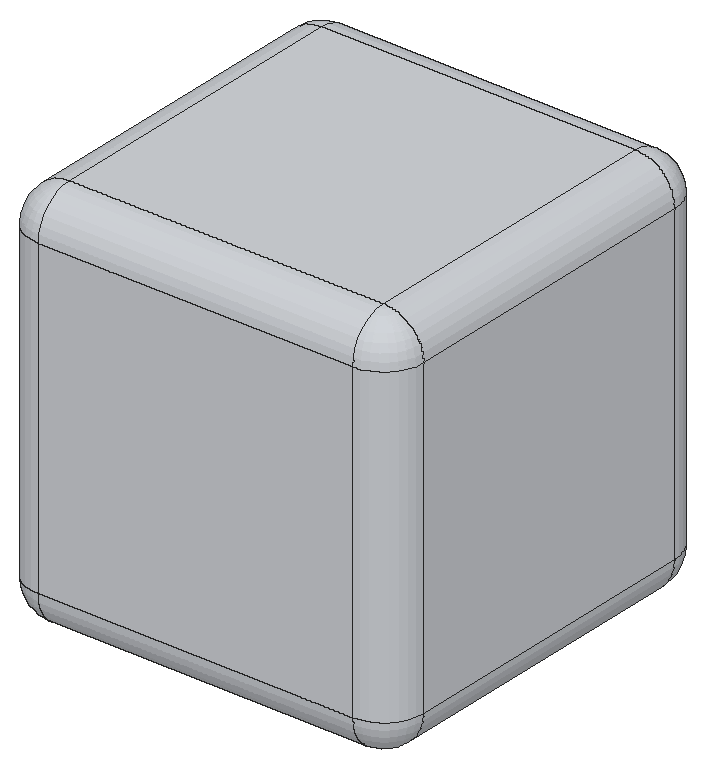
Revit family "mattress", category Generic Models, Revit 2022
Family settings
  Can host rebar = No
  Round Connector Dimension = Use Diameter
  Part Type = Normal
  Work Plane-Based = No
  Always vertical = Yes
  Cut with Voids When Loaded = No
  Maintain Annotation Orientation = No
  Shared = No
  Room Calculation Point = No
Parameters
  material [instance] = none
  Width [instance] = 2000 mm
  Length [instance] = 2000 mm
  Height [instance] = 2000 mm
  Default Elevation = 0 mm
  Bevel [instance] = 200 mm
Reference planes
  plane 1 "Center (Front/Back)": y = 0
  plane 2: z = 0
  plane 3 "Center (Left/Right)": x = 0
  plane 4: y = 1000
  plane 5: y = -1000
  plane 6: x = -1000
  plane 7: x = 1000
  plane 8: x = -800
  plane 9: x = 800
  plane 10: y = 800
  plane 11: y = -800
  plane 12: z = 200
  plane 13: z = 1000
  plane 14: z = 1800
  plane 15: z = 2000
Forms (mm)
  Extrusion 1, solid, material <- "material"
    sketch origin (0, 0, 0) x (1, 0, 0) y (0, 1, 0)
      loop
        arc (-800, 1000) -> (-941.421, 941.421) -> (-1000, 800) r 200
        line (-1000, 800) -> (-1000, -800)
        arc (-1000, -800) -> (-941.421, -941.421) -> (-800, -1000) r 200
        line (-800, -1000) -> (800, -1000)
        arc (800, -1000) -> (941.421, -941.421) -> (1000, -800) r 200
        line (1000, -800) -> (1000, 800)
        arc (1000, 800) -> (941.421, 941.421) -> (800, 1000) r 200
        line (800, 1000) -> (-800, 1000)
    from 200 to 1800
  Extrusion 2, solid, material <- "material"
    sketch origin (0, 0, 0) x (1, 0, 0) y (0, 1, 0)
      loop
        line (-800, 800) -> (-800, -800) -> (800, -800) -> (800, 800) -> (-800, 800)
    from 0 to 200
  Extrusion 3, solid, material <- "material"
    sketch origin (0, 0, 0) x (1, 0, 0) y (0, 1, 0)
      loop
        line (-800, 800) -> (-800, -800) -> (800, -800) -> (800, 800) -> (-800, 800)
    from 1800 to 2000
  Extrusion 4, solid, material <- "material"
    sketch origin (0, 0, 0) x (1, 0, 0) y (0, 0, 1)
      loop
        arc (-800, 2000) -> (-941.421, 1941.421) -> (-1000, 1800) r 200
        line (-1000, 1800) -> (-800, 1800) -> (-800, 2000)
      loop
        arc (-1000, 200) -> (-941.421, 58.579) -> (-800, 0) r 200
        line (-800, 0) -> (-800, 200) -> (-1000, 200)
      loop
        line (800, 2000) -> (800, 1800) -> (1000, 1800)
        arc (1000, 1800) -> (941.421, 1941.421) -> (800, 2000) r 200
      loop
        line (1000, 200) -> (800, 200) -> (800, 0)
        arc (800, 0) -> (941.421, 58.579) -> (1000, 200) r 200
    from -800 to 800
  Extrusion 5, solid, material <- "material"
    sketch origin (0, 0, 0) x (0, 1, 0) y (0, 0, 1)
      loop
        arc (1000, 1800) -> (941.421, 1941.421) -> (800, 2000) r 200
        line (800, 2000) -> (800, 1800) -> (1000, 1800)
      loop
        line (-800, 0) -> (-800, 200) -> (-1000, 200)
        arc (-1000, 200) -> (-941.421, 58.579) -> (-800, 0) r 200
      loop
        arc (800, 0) -> (941.421, 58.579) -> (1000, 200) r 200
        line (1000, 200) -> (800, 200) -> (800, 0)
      loop
        line (-1000, 1800) -> (-800, 1800) -> (-800, 2000)
        arc (-800, 2000) -> (-941.421, 1941.421) -> (-1000, 1800) r 200
    from -800 to 800
  Revolve 6, solid, material <- "material"
    sketch origin (-1450.421, -800, 1200) x (-1, 0, 0) y (0, 0, 1)
      loop
        arc (-2250.421, 800) -> (-2391.843, 741.421) -> (-2450.421, 600) r 200
        line (-2450.421, 600) -> (-2250.421, 600) -> (-2250.421, 800)
      axis (-2250.421, 800) -> (-2250.421, 600)
    angle from 0 to 360
  Revolve 7, solid, material <- "material"
    sketch origin (1450.421, -800, 1200) x (1, 0, 0) y (0, 0, -1)
      loop
        line (-2250.421, -800) -> (-2250.421, -600) -> (-2450.421, -600)
        arc (-2450.421, -600) -> (-2391.843, -741.421) -> (-2250.421, -800) r 200
      axis (-2250.421, -800) -> (-2250.421, -600)
    angle from 0 to 360
  Revolve 8, solid, material <- "material"
    sketch origin (-1450.421, -800, 810.852) x (-1, 0, 0) y (0, 0, 1)
      loop
        line (-2250.421, -810.852) -> (-2250.421, -610.852) -> (-2450.421, -610.852)
        arc (-2450.421, -610.852) -> (-2391.843, -752.274) -> (-2250.421, -810.852) r 200
      axis (-2250.421, -810.852) -> (-2250.421, -610.852)
    angle from 0 to 360
  Revolve 9, solid, material <- "material"
    sketch origin (1450.421, -800, 810.852) x (1, 0, 0) y (0, 0, -1)
      loop
        arc (-2250.421, 810.852) -> (-2391.843, 752.274) -> (-2450.421, 610.852) r 200
        line (-2450.421, 610.852) -> (-2250.421, 610.852) -> (-2250.421, 810.852)
      axis (-2250.421, 810.852) -> (-2250.421, 610.852)
    angle from 0 to 360
  Revolve 10, solid, material <- "material"
    sketch origin (-1450.421, 800, 1200) x (-1, 0, 0) y (0, 0, 1)
      loop
        arc (-2250.421, 800) -> (-2391.843, 741.421) -> (-2450.421, 600) r 200
        line (-2450.421, 600) -> (-2250.421, 600) -> (-2250.421, 800)
      axis (-2250.421, 800) -> (-2250.421, 600)
    angle from 0 to 360
  Revolve 11, solid, material <- "material"
    sketch origin (-1450.421, 800, 1200) x (-1, 0, 0) y (0, 0, 1)
      loop
        line (-650.421, 800) -> (-650.421, 600) -> (-450.421, 600)
        arc (-450.421, 600) -> (-509, 741.421) -> (-650.421, 800) r 200
      axis (-650.421, 800) -> (-650.421, 600)
    angle from 0 to 360
  Revolve 12, solid, material <- "material"
    sketch origin (-1450.421, 800, 1200) x (-1, 0, 0) y (0, 0, 1)
      loop
        line (-2250.421, -1200) -> (-2250.421, -1000) -> (-2450.421, -1000)
        arc (-2450.421, -1000) -> (-2391.843, -1141.421) -> (-2250.421, -1200) r 200
      axis (-2250.421, -1200) -> (-2250.421, -1000)
    angle from 0 to 360
  Revolve 13, solid, material <- "material"
    sketch origin (-1450.421, 800, 1200) x (-1, 0, 0) y (0, 0, 1)
      loop
        arc (-650.421, -1200) -> (-509, -1141.421) -> (-450.421, -1000) r 200
        line (-450.421, -1000) -> (-650.421, -1000) -> (-650.421, -1200)
      axis (-650.421, -1200) -> (-650.421, -1000)
    angle from 0 to 360
Cuts and joins
  joined: Extrusion 1, Extrusion 2, Extrusion 3, Extrusion 4, Extrusion 5, Revolve 6, Revolve 7, Revolve 8, Revolve 9, Revolve 10, Revolve 11, Revolve 12, Revolve 13
Dimensions and locks
  equal spacing: plane 4, plane 1 "Center (Front/Back)", plane 5
  "Width": plane 4 to plane 5
  equal spacing: plane 6, plane 3 "Center (Left/Right)", plane 7
  "Length": plane 6 to plane 7
  equal spacing: plane 15, plane 13, plane 2
  "Height": plane 15 to plane 2
  "Bevel": plane 12 to plane 2
  "Bevel": plane 15 to plane 14
  "Bevel": plane 6 to plane 8
  "Bevel": plane 9 to plane 7
  "Bevel": plane 11 to plane 5
  "Bevel": plane 4 to plane 10
  "Bevel": radius of Extrusion 1 sketch curve  (x4)
  "Bevel": radius of Extrusion 4 sketch curve  (x4)
  "Bevel": radius of Extrusion 5 sketch curve  (x4)
  "Bevel": radius of Revolve 6 sketch curve
  "Bevel": radius of Revolve 7 sketch curve
  "Bevel": radius of Revolve 8 sketch curve
  "Bevel": radius of Revolve 9 sketch curve
  "Bevel": radius of Revolve 10 sketch curve
  "Bevel": radius of Revolve 11 sketch curve
  "Bevel": radius of Revolve 12 sketch curve
  "Bevel": radius of Revolve 13 sketch curve
  aligned and locked: level to plane 2
  aligned and locked: Extrusion 1 sketch curve to plane 4
  aligned and locked: plane 6 to Extrusion 1 sketch curve
  aligned and locked: plane 5 to Extrusion 1 sketch curve
  aligned and locked: Extrusion 1 sketch curve to plane 7
  aligned and locked: plane 14 to Extrusion 1
  aligned and locked: Extrusion 1 to plane 12
  aligned and locked: Extrusion 2 sketch curve to plane 10
  aligned and locked: plane 8 to Extrusion 2 sketch curve
  aligned and locked: plane 11 to Extrusion 2 sketch curve
  aligned and locked: Extrusion 2 sketch curve to plane 9
  aligned and locked: Extrusion 2 to plane 2
  aligned and locked: plane 12 to Extrusion 2
  aligned and locked: Extrusion 3 sketch curve to plane 9
  aligned and locked: Extrusion 3 sketch curve to plane 10
  aligned and locked: plane 8 to Extrusion 3 sketch curve
  aligned and locked: plane 11 to Extrusion 3 sketch curve
  aligned and locked: Extrusion 3 to plane 14
  aligned and locked: plane 15 to Extrusion 3
  aligned and locked: Extrusion 4 sketch curve to plane 8
  aligned and locked: Extrusion 4 sketch curve to plane 14
  aligned and locked: Extrusion 4 sketch curve to plane 12
  aligned and locked: Extrusion 4 sketch curve to plane 9
  aligned and locked: plane 10 to Extrusion 4
  aligned and locked: Extrusion 4 to plane 11
  aligned and locked: plane 14 to Extrusion 5 sketch curve
  aligned and locked: plane 11 to Extrusion 5 sketch curve
  aligned and locked: plane 10 to Extrusion 5 sketch curve
  aligned and locked: plane 12 to Extrusion 5 sketch curve
  aligned and locked: Extrusion 5 to plane 8
  aligned and locked: plane 9 to Extrusion 5
  aligned and locked: Revolve 6 sketch curve to plane 9
  aligned and locked: Revolve 6 sketch curve to plane 14
  aligned and locked: Revolve 6 sketch curve to Revolve 6 sketch curve
  aligned and locked: Revolve 8 sketch curve to Revolve 8 sketch curve
  aligned and locked: Revolve 9 sketch curve to Revolve 9 sketch curve
  aligned and locked: Revolve 10 sketch curve to Revolve 10 sketch curve
  aligned and locked: Revolve 11 sketch curve to Revolve 11 sketch curve
  aligned and locked: Revolve 12 sketch curve to Revolve 12 sketch curve
  aligned and locked: Revolve 13 sketch curve to Revolve 13 sketch curve
  aligned and locked: Revolve 7 sketch curve to plane 8
  aligned and locked: Revolve 7 sketch curve to Revolve 7 sketch curve
  aligned and locked: plane 14 to Revolve 7 sketch curve
  aligned and locked: plane 8 to Revolve 9 sketch curve
  aligned and locked: plane 12 to Revolve 9 sketch curve
  aligned and locked: plane 9 to Revolve 8 sketch curve
  aligned and locked: Revolve 8 sketch curve to plane 12
  aligned and locked: Revolve 10 sketch curve to plane 9
  aligned and locked: Revolve 10 sketch curve to plane 14
  aligned and locked: plane 9 to Revolve 12 sketch curve
  aligned and locked: Revolve 12 sketch curve to plane 12
  aligned and locked: plane 8 to Revolve 13 sketch curve
  aligned and locked: plane 12 to Revolve 13 sketch curve
  aligned and locked: Revolve 11 sketch curve to plane 8
  aligned and locked: plane 14 to Revolve 11 sketch curve
Automatic sketch dimensions
  Extrusion 4 sketch curve to plane 6 = 0 mm
  Extrusion 4 sketch curve to level = 0 mm
  Extrusion 4 sketch curve to plane 9 = 0 mm
  Extrusion 4 sketch curve to plane 14 = 0 mm
  Extrusion 5 sketch curve to plane 5 = 0 mm
  Extrusion 5 sketch curve to plane 10 = 0 mm
  Extrusion 5 sketch curve to level = 0 mm
  Extrusion 5 sketch curve to plane 14 = 0 mm
  Revolve 6 sketch curve to plane 14 = 45.397 mm
  Revolve 6 sketch curve to Revolve 6 sketch curve = 40 mm
  Revolve 7 sketch curve to Revolve 7 sketch curve = 40 mm
  Revolve 7 sketch curve to plane 14 = 45.397 mm
  Revolve 8 sketch curve to level = 40 mm
  Revolve 8 sketch curve to Revolve 8 sketch curve = 45.397 mm
  Revolve 9 sketch curve to Revolve 9 sketch curve = 45.397 mm
  Revolve 9 sketch curve to level = 40 mm
  Revolve 10 sketch curve to plane 14 = 45.397 mm
  Revolve 10 sketch curve to Revolve 10 sketch curve = 40 mm
  Revolve 11 sketch curve to plane 14 = 45.397 mm
  Revolve 11 sketch curve to Revolve 11 sketch curve = 40 mm
  Revolve 12 sketch curve to level = 40 mm
  Revolve 12 sketch curve to Revolve 12 sketch curve = 45.397 mm
  Revolve 13 sketch curve to level = 40 mm
  Revolve 13 sketch curve to Revolve 13 sketch curve = 45.397 mm
